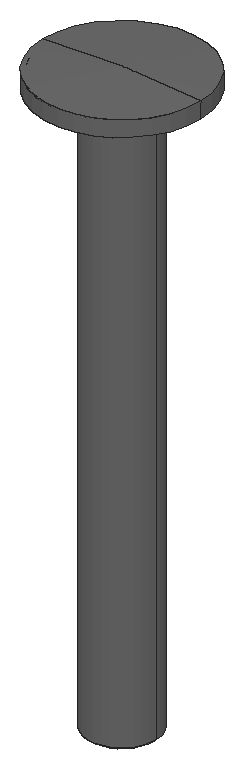
Revit family "88261", category Generic Models, Revit 2015
Reference planes (in)
  plane 1 "Center (Front/Back)": y = 0
  plane 2: z = 0
  plane 3 "Center (Left/Right)": x = 0
Forms (in)
  Revolve 1, solid, material "Default"
    sketch origin (0, 0, 0) x (1, 0, 0) y (0, 0, 1)
      loop
        line (0, 0) -> (2.0625, 0) -> (2.0625, 0.125) -> (2.1875, 0.125) -> (2.1875, 35.5) -> (2.0625, 35.5) -> (2.0625, 35.625) -> (1.9375, 35.625) -> (1.9375, 0.375) -> (0, 0.375) -> (0, 0)
      axis (0, 35.625) -> (0, 0)
    angle from 0 to 360
  Revolve 2, solid, material "Default"
    sketch origin (0, 0, 0) x (1, 0, 0) y (0, 0, 1)
      loop
        line (0, 37) -> (4.75, 37) -> (4.75, 36.25) -> (4.5, 36.25) -> (4.5, 36.125) -> (5, 36.125) -> (5, 37.125) -> (0, 37.375) -> (0, 37)
      loop
        line (1.9375, 35.625) -> (2.1875, 35.625) -> (2.1875, 36.375) -> (1.6875, 36.375) -> (1.6875, 34.875) -> (1.9375, 34.875) -> (1.9375, 35.625)
      axis (0, 37.375) -> (0, 34.875)
    angle from 0 to 360
  Revolve 3, solid, material "Glass"
    sketch origin (0, 0, 0) x (1, 0, 0) y (0, 0, 1)
      loop
        line (4.75, 36.25) -> (4.75, 36.375) -> (2.25, 36.375) -> (2.25, 36.25) -> (4.75, 36.25)
      axis (0, 36.375) -> (0, 36.25)
    angle from 0 to 360
Dimensions and locks (in)
  aligned and locked: plane 2 to level
